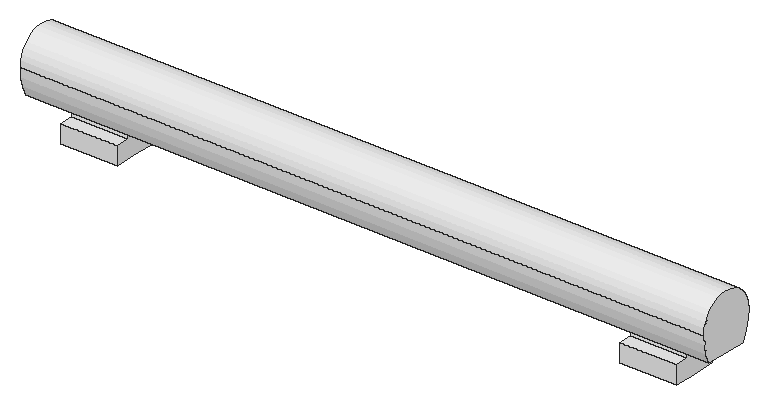
Revit family "Lighting-Control-Acclaim-Linear One_Interior", category Lighting Fixtures, host Face, Revit 2015
Parameters (values of type "2'")
  Width = 0.163 ft
  Wattage = 9.2903 W
  built-in parameter 1150110 = 1 (stored number, unit not read)
  Voltage = 0 V
  URL = "http://www.acclaimlighting.com/"
  built-in parameter 1114217 = 1 (stored number, unit not read)
  Tilt Angle = 90.00°
  built-in parameter 1150109 = 1 (stored number, unit not read)
  built-in parameter 1150134 = 3
  built-in parameter 1150113 = 1 (stored number, unit not read)
  Power Factor = 1
  Photometric Web File = "generic"
  Number of Poles = 1
  built-in parameter 1150142 = (empty or 0)
  Model = "Linear One Interior"
  Manufacturer = "Acclaim Lighting"
  built-in parameter 1150105 = 109.82 (stored number, unit not read)
  Lumens = 1380 lm
  built-in parameter 1150115 = 1 (stored number, unit not read)
  built-in parameter 1150137 = (empty or 0)
  built-in parameter 1150139 = (empty or 0)
  Length = 2.00 ft
  built-in parameter 1150112 = 1 (stored number, unit not read)
  built-in parameter 1150114 = 1 (stored number, unit not read)
  Lamp = "LED"
  built-in parameter 1150132 = (empty or 0)
  built-in parameter 1150102 = (empty or 0)
  built-in parameter 1150107 = 3200 (stored number, unit not read)
  built-in parameter 1150138 = (empty or 0)
  built-in parameter 1150106 = 1.0982 (stored number, unit not read)
  Housing Finish = Aluminum
  Emit from Line Length = Length  # 2.00 ft
  built-in parameter 1150104 = 13.8 (stored number, unit not read)
  Dimming Lamp Color Temperature Shift = <None>
  Description = "Linear"
  Default Elevation = 4.00 ft
  Color Filter = 16777215
  built-in parameter 1114218 = 1 (stored number, unit not read)
  built-in parameter 1150133 = 10 (stored number, unit not read)
  Apparent Load = 0 VA
Types (3, lengths in ft): name | Length | Emit from Line Length
  (no name) | 2.00 | 2.00
  1' | 1.00 | 1.00
  2' | 2.00 | 2.00
Reference planes (ft)
  plane 1 "Center (Front/Back)": y = 0
  plane 2: z = 0
  plane 3 "Center (Left/Right)": x = 0
  plane 4: z = 0.073333
  plane 5: y = 0.0815
  plane 6: y = -0.0815
  plane 7: x = -1
  plane 8: x = 1
Forms (ft)
  Extrusion 1, solid, material "Aluminum"
    sketch origin (0, 0, -0.036458) x (0, 1, 0) y (0, 0, 1)
      loop
        arc (0.0815, 0.207683) -> (0, 0.289183) -> (-0.0815, 0.207683) r 0.0815
        arc (-0.0815, 0.207683) -> (-0.076384, 0.166016) -> (-0.06134, 0.126825) r 0.172232
        line (-0.06134, 0.126825) -> (0, 0.126825) -> (0.06134, 0.126825)
        arc (0.06134, 0.126825) -> (0.076384, 0.166016) -> (0.0815, 0.207683) r 0.172232
    from -1 to 1
  Extrusion 2, solid, material "Aluminum"
    sketch origin (0, 0, 0) x (0, 1, 0) y (0, 0, 1)
      loop
        line (0.068375, 0) -> (0.068375, 0.052788) -> (0.030037, 0.052788) -> (0.023411, 0.090366) -> (0, 0.090366) -> (-0.017536, 0.090366) -> (-0.024162, 0.052788) -> (-0.0625, 0.052788) -> (-0.0625, 0) -> (0, 0) -> (0.068375, 0)
    from 0.740185 to 0.904884
  Extrusion 3, solid, material "Aluminum"
    sketch origin (-0.260336, 0.005875, 0) x (0, 1, 0) y (0, 0, -1)
      loop
        line (0.068375, 0) -> (0, 0) -> (-0.068375, 0) -> (-0.068375, -0.052788) -> (-0.030037, -0.052788) -> (-0.023411, -0.090366) -> (0, -0.090366) -> (0.023411, -0.090366) -> (0.030037, -0.052788) -> (0.068375, -0.052788) -> (0.068375, 0)
    from 0.470798 to 0.635498
Dimensions and locks (ft)
  equal spacing: plane 5, plane 1 "Center (Front/Back)", plane 6
  "Width": plane 5 to plane 6
  equal spacing: plane 7, plane 3 "Center (Left/Right)", plane 8
  "Length": plane 7 to plane 8
  Extrusion 2 to Extrusion 2 to plane 8 = 0.164699 ft locked, 0.095116 ft locked
  locked: Extrusion 3 to Extrusion 3 at 0.164699
  locked: plane 7 to Extrusion 3 at 0.104167
  aligned and locked: plane 2 to host face
  aligned and locked: level to host face
  aligned and locked: Extrusion 1 to plane 7
  aligned and locked: plane 8 to Extrusion 1
Automatic sketch dimensions
  host sketch curve to host sketch curve = 8.00 ft  (x2)
  Extrusion 1 sketch curve to plane 6 = 0.00 ft  (x2)
  Extrusion 1 sketch curve to plane 1 "Center (Front/Back)" = 0.00 ft  (x2)
  Extrusion 1 sketch curve to plane 5 = 0.00 ft
  plane 6 to Extrusion 1 sketch curve = 0.009232 ft
  Extrusion 1 sketch curve to plane 6 = 0.02016 ft
  plane 4 to Extrusion 1 sketch curve = 0.017033 ft
  Extrusion 1 sketch curve to Extrusion 1 sketch curve = 0.06134 ft
  Extrusion 2 sketch curve to level = 0.00 ft
  Extrusion 2 sketch curve to plane 1 "Center (Front/Back)" = 0.00 ft  (x2)
  Extrusion 2 sketch curve to Extrusion 2 sketch curve = 0.017536 ft
  plane 1 "Center (Front/Back)" to Extrusion 2 sketch curve = 0.024162 ft
  Extrusion 2 sketch curve to plane 6 = 0.019 ft
  Extrusion 2 sketch curve to plane 1 "Center (Front/Back)" = 0.023411 ft
  Extrusion 2 sketch curve to plane 1 "Center (Front/Back)" = 0.030037 ft
  plane 5 to Extrusion 2 sketch curve = 0.013125 ft
  Extrusion 2 sketch curve to plane 4 = 0.020546 ft  (x2)
  plane 4 to Extrusion 2 sketch curve = 0.017033 ft
  Extrusion 3 sketch curve to level = 0.00 ft
  Extrusion 3 sketch curve to plane 1 "Center (Front/Back)" = 0.005875 ft  (x2)
  Extrusion 3 sketch curve to Extrusion 3 sketch curve = 0.023411 ft
  plane 1 "Center (Front/Back)" to Extrusion 3 sketch curve = 0.024162 ft
  Extrusion 3 sketch curve to plane 6 = 0.019 ft
  Extrusion 3 sketch curve to plane 1 "Center (Front/Back)" = 0.029287 ft
  Extrusion 3 sketch curve to plane 1 "Center (Front/Back)" = 0.035913 ft
  plane 5 to Extrusion 3 sketch curve = 0.007249 ft
  Extrusion 3 sketch curve to plane 4 = 0.020546 ft  (x2)
  plane 4 to Extrusion 3 sketch curve = 0.017033 ft
Connectors (ft)
  electrical at (1, 0, 0.12271), driven by "Number of Poles", driven by "Voltage", driven by "Apparent Load", driven by "Power Factor"
    settings: on Extrusion 1, index 1, voltage 0 V, apparent load 0 VA, apparent load phase1 0 VA, apparent load phase2 0 VA, apparent load phase3 0 VA, power factor 1, load classification "Other", number of poles 1, system type 31, power factor state 1, is connector primary yes, connector utility no, sub classification motor no, connector description "Power"
